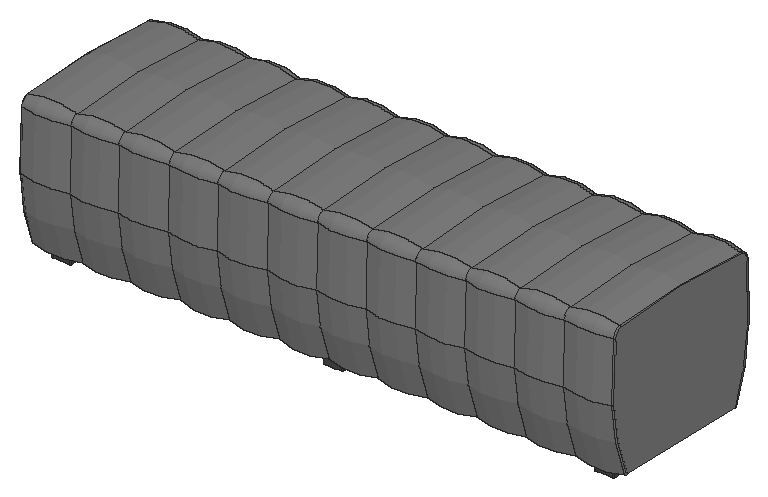
Revit family "Chair-Soft_Seating-Allermuir-Haven_Bench-HAB300", category Furniture, Revit 2012
Parameters (values of type "HAB300")
  ecoScorecard_data = "http://thesenatorgroup.ecoscorecard.com/product/HAB300"
  ecoScorecard Product Page = "http://products.ecoscorecard.com/allermuir/HAB300?action=html"
  Width = 0' - 0"
  Weight = 0.0 lbf
  Upholstered Seat = "No"
  Upholstered Back = "No"
  URL = "http://www.allermuir.net/Default.aspx"
  Subcategory = "Soft Seating"  # constant formula
  Stand = Plastic - Allermuir - Black
  Stacks = no
  Specifications URL = ""
  Seat = Fabric - Allermuir - Silcoates
  Product Page URL = "http://www.allermuir.net/Products.aspx?RangeId=495"
  Product Line = "Haven Bench"  # constant formula
  Pricing URL = ""
  Plugin Data URL = "http://products.ecoscorecard.com/thesenatorgroup/HAB300"
  Plastic Arms in Black = "No"
  Model = "HAB300"  # constant formula
  Manufacturer Phone - Toll Free = "(888) 887 5806"  # constant formula
  Manufacturer Phone = "(419) 887 5806"  # constant formula
  Manufacturer Fax = "(419) 887 5805"  # constant formula
  Manufacturer Email = "mailto:contact@allermuir-na.com"
  Manufacturer Address = "1630 Holland Road, Maumee, Ohio 43537 "  # constant formula
  Manufacturer = "Allermuir"  # constant formula
  Side Stand = Metal - Allermuir - Chrome - Polished
  LEED Stats URL = ""
  Height = 0' - 0"
  Fabric Spec Sheets = "http://www.allermuir.net/Services/File.ashx?Type=B&Id=51"
  Description = ""
  Depth = 0' - 0"
  Color Availability = "See price list for material options"  # constant formula
  CAD Blocks URL = ""
  Brochure URL = ""
  Back Rest = none
  Assembly Code = "E2020200"
  95 CSI = "12510"  # constant formula
  04 CSI = "12 51 00"  # constant formula
Reference planes
  plane 1 "Center Front/Back": y = 0
  plane 2: z = 0
  plane 3 "Center Left/Right": x = 0
  plane 4: y = 278.492
  plane 5: y = -265.296
  plane 6: x = 900.013
  plane 7: x = -900.013
  plane 8: z = 466.328
Dimensions and locks
  equal spacing: plane 7, plane 3 "Center Left/Right", plane 6
  plane 7 to plane 6 = 5' - 10 111/128"
  plane 4 to plane 5 = 1' - 9.40899"
  plane 8 to level = 1' - 6 23/64"
  aligned and locked: plane 3 "Center Left/Right" to nested 1
  aligned and locked: plane 1 "Center Front/Back" to nested 1
Nested families
  nested 1: "HAB300" at (0, 0, 0), type "HAB300"
Definition of nested family "HAB300"
  Parameters (values of type "HAB300")
    URL = "http://www.allermuir.net/Default.aspx"
    Stand = Plastic - Allermuir - Black
    Side Stand = Metal - Allermuir - Chrome - Polished
    Seat = Fabric - Allermuir - Silcoates
    Model = "HAB100"
    Manufacturer = "Allermuir"  # constant formula
    Description = ""
    Assembly Code = "E2020200"
  Reference planes
    plane 1 "Center Front/Back": y = 0
    plane 2: z = 0
    plane 3 "Center Left/Right": x = 0
    plane 4: y = 278.492
    plane 5: y = -265.296
    plane 6: z = 466.328
    plane 7: x = -899.878
    plane 8: x = 899.878
  Forms (mm)
    Sweep 1, solid, material "Fabric - Allermuir - Silcoates" <- "Seat"
      path origin (0, 0, 0) x (0, 1, 0) y (0, 0, 1)
        loop
          arc (228.945, 24.408) -> (262.215, 126.767) -> (276.965, 233.381) r 609.6
          arc (276.965, 233.381) -> (278.479, 325.472) -> (273.982, 417.465) r 1411.053
          arc (273.982, 417.465) -> (262.719, 442.368) -> (238.222, 454.489) r 40.603
          arc (238.222, 454.489) -> (7.264, 468.236) -> (-223.765, 455.728) r 2038.86
          arc (-223.765, 455.728) -> (-248.079, 443.981) -> (-259.64, 419.577) r 40.58
          arc (-259.64, 419.577) -> (-265.536, 328.435) -> (-264.387, 237.109) r 1183.48
          arc (-264.387, 237.109) -> (-249.246, 128.613) -> (-215.454, 24.408) r 627.008
      profile origin (0, 7.264, 468.236) x (0, -0.002682, -0.999996) y (1, 0, 0)
        loop
          arc (13.094, -747.478) -> (2.01, -822.435) -> (13.359, -897.353) r 255.942
          arc (13.359, -897.353) -> (14.723, -899.276) -> (16.962, -900.013) r 3.77
          line (16.962, -900.013) -> (18.056, -900.013) -> (18.056, 900.013) -> (16.964, 900.013)
          arc (16.964, 900.013) -> (14.725, 899.276) -> (13.361, 897.353) r 3.77
          arc (13.361, 897.353) -> (2.01, 822.436) -> (13.092, 747.478) r 255.942
          arc (13.092, 747.478) -> (2.009, 672.942) -> (13.113, 598.41) r 255.942
          arc (13.113, 598.41) -> (2.01, 523.394) -> (13.375, 448.417) r 255.942
          arc (13.375, 448.417) -> (2.01, 373.433) -> (13.117, 298.411) r 255.942
          arc (13.117, 298.411) -> (2.01, 223.387) -> (13.376, 148.403) r 255.942
          arc (13.376, 148.403) -> (2.013, 74.256) -> (12.634, 0) r 255.942
          arc (12.634, 0) -> (2.026, -75.93) -> (14.383, -151.596) r 255.942
          arc (14.383, -151.596) -> (2.037, -226.43) -> (12.165, -301.596) r 255.942
          arc (12.165, -301.596) -> (2.037, -376.765) -> (14.384, -451.601) r 255.942
          arc (14.384, -451.601) -> (2.038, -526.433) -> (12.163, -601.598) r 255.942
          arc (12.163, -601.598) -> (2.015, -674.606) -> (13.094, -747.478) r 255.942
    Extrusion 2, solid, material "Fabric - Allermuir - Silcoates" <- "Seat"
      sketch origin (0, 0, 0) x (0, 1, 0) y (0, 0, 1)
        loop
          line (-198.21, 30) -> (211.698, 30)
          arc (211.698, 30) -> (244.436, 130.024) -> (258.93, 234.267) r 591.544
          arc (258.93, 234.267) -> (260.425, 325.179) -> (255.986, 415.995) r 1392.996
          arc (255.986, 415.995) -> (249.731, 429.823) -> (236.128, 436.554) r 22.547
          arc (236.128, 436.554) -> (7.216, 450.18) -> (-221.767, 437.783) r 2020.803
          arc (-221.767, 437.783) -> (-235.263, 431.263) -> (-241.679, 417.717) r 22.524
          arc (-241.679, 417.717) -> (-247.486, 327.965) -> (-246.354, 238.033) r 1165.423
          arc (-246.354, 238.033) -> (-231.472, 131.89) -> (-198.21, 30) r 608.951
      from -900.013 to 900.013
  Cuts and joins
    joined: Sweep 1, Extrusion 2
  Lines and regions (mm)
    symbolic lines, style "Sofa"
      curve 1: line (-747.478, -252.871, 0) -> (-747.478, 265.571, 0)
      curve 2: line (-601.598, -253.801, 0) -> (-601.598, 266.501, 0)
      curve 3: line (-451.601, -251.58, 0) -> (-451.601, 264.28, 0)
      curve 4: line (-900.013, 261.748, 0) -> (-900.013, -249.048, 0)
      curve 5: line (-301.596, -253.799, 0) -> (-301.596, 266.499, 0)
      curve 6: line (-151.596, -251.581, 0) -> (-151.596, 264.281, 0)
      curve 7: line (0, 266.05, 0) -> (0, -253.35, 0)
      curve 8: line (148.403, -253.106, 0) -> (148.403, 265.289, 0)
      curve 9: line (298.411, -252.847, 0) -> (298.411, 265.547, 0)
      curve 10: line (448.417, -252.589, 0) -> (448.417, 265.289, 0)
      curve 11: line (598.41, -252.851, 0) -> (598.41, 265.551, 0)
      curve 12: line (747.478, -252.851, 0) -> (747.478, 265.551, 0)
      curve 13: line (900.013, -248.932, 0) -> (900.013, 261.632, 0)
      curve 14: arc (-747.478, 265.571, 0) -> (-822.454, 276.714, 0) -> (-897.39, 265.307, 0) r 254.791
      curve 15: arc (-897.39, 265.307, 0) -> (-899.287, 263.959, 0) -> (-900.013, 261.748, 0) r 3.725
      curve 16: arc (-747.478, 265.571, 0) -> (-674.607, 276.872, 0) -> (-601.598, 266.501, 0) r 250.919
      curve 17: arc (-601.598, 266.501, 0) -> (-526.432, 276.689, 0) -> (-451.601, 264.28, 0) r 254.593
      curve 18: arc (-451.601, 264.28, 0) -> (-376.762, 276.463, 0) -> (-301.596, 266.499, 0) r 259.558
      curve 19: arc (-301.596, 266.499, 0) -> (-226.428, 276.766, 0) -> (-151.596, 264.281, 0) r 252.944
      curve 20: arc (0, 266.05, 0) -> (-75.93, 276.475, 0) -> (-151.596, 264.281, 0) r 259.692
      curve 21: arc (148.403, 265.289, 0) -> (74.256, 276.349, 0) -> (0, 266.05, 0) r 263.116
      curve 22: arc (298.411, 265.547, 0) -> (222.973, 276.612, 0) -> (147.535, 265.547, 0) r 262.685
      curve 23: arc (298.411, 265.547, 0) -> (373.433, 276.905, 0) -> (448.417, 265.289, 0) r 250.618
      curve 24: arc (448.417, 265.289, 0) -> (523.393, 276.706, 0) -> (598.41, 265.551, 0) r 254.834
      curve 25: arc (598.41, 265.551, 0) -> (672.944, 276.568, 0) -> (747.478, 265.551, 0) r 257.638
      curve 26: arc (747.478, 265.551, 0) -> (822.344, 276.781, 0) -> (897.195, 265.453, 0) r 254.061
      curve 27: arc (900.013, 261.632, 0) -> (899.232, 264.006, 0) -> (897.195, 265.453, 0) r 3.999
      curve 28: arc (-747.478, -252.871, 0) -> (-822.454, -264.014, 0) -> (-897.39, -252.607, 0) r 254.791
      curve 29: arc (-897.39, -252.607, 0) -> (-899.287, -251.259, 0) -> (-900.013, -249.048, 0) r 3.725
      curve 30: arc (-747.478, -252.871, 0) -> (-674.607, -264.172, 0) -> (-601.598, -253.801, 0) r 250.919
      curve 31: arc (-601.598, -253.801, 0) -> (-526.432, -263.989, 0) -> (-451.601, -251.58, 0) r 254.593
      curve 32: arc (-451.601, -251.58, 0) -> (-376.762, -263.763, 0) -> (-301.596, -253.799, 0) r 259.558
      curve 33: arc (-301.596, -253.799, 0) -> (-226.428, -264.066, 0) -> (-151.596, -251.581, 0) r 252.944
      curve 34: arc (0, -253.35, 0) -> (-75.93, -263.775, 0) -> (-151.596, -251.581, 0) r 259.692
      curve 35: arc (148.403, -252.589, 0) -> (74.256, -263.649, 0) -> (0, -253.35, 0) r 263.116
      curve 36: arc (298.411, -252.847, 0) -> (223.426, -263.912, 0) -> (148.403, -253.106, 0) r 262.685
      curve 37: arc (298.411, -252.847, 0) -> (373.433, -264.205, 0) -> (448.417, -252.589, 0) r 250.618
      curve 38: arc (448.417, -252.589, 0) -> (523.393, -264.006, 0) -> (598.41, -252.851, 0) r 254.834
      curve 39: arc (598.41, -252.851, 0) -> (672.944, -263.868, 0) -> (747.478, -252.851, 0) r 257.638
      curve 40: arc (747.478, -252.851, 0) -> (822.344, -264.081, 0) -> (897.195, -252.753, 0) r 254.061
      curve 41: arc (900.013, -248.932, 0) -> (899.232, -251.306, 0) -> (897.195, -252.753, 0) r 3.999
  Dimensions and locks
    plane 4 to plane 5 = 1' - 9.40899"
    plane 6 to level = 1' - 6 23/64"
    locked: plane 7 to plane 8 at 1799.755
    aligned and locked: plane 3 "Center Left/Right" to nested 2
    aligned and locked: plane 3 "Center Left/Right" to nested 5
    aligned and locked: nested 1 to level
    aligned and locked: nested 2 to level
    aligned and locked: nested 4 to plane 2
    aligned and locked: nested 3 to plane 2
    aligned and locked: nested 5 to plane 2
    aligned and locked: nested 6 to plane 2
    aligned and locked: Extrusion 2 sketch curve to Sweep 1  (x7)
  Nested families
    nested 1: "Leg" at (-824.583, 174.511, 0), type "PSM102"
    nested 2: "Leg" at (0, 174.511, 0), type "PSM102"
    nested 3: "Leg" at (-824.118, -158.14, 0), type "PSM102"
    nested 4: "Leg" at (823.175, 174.511, 0), type "PSM102"
    nested 5: "Leg" at (0, -158.14, 0), type "PSM102"
    nested 6: "Leg" at (823.528, -158.934, 0), type "PSM102"
  Definition of nested family "Leg"
    Parameters (values of type "PSM102")
      URL = ""
      Stand = none
      Stacks = no
      Model = ""
      Manufacturer = ""
      Description = ""
      Assembly Code = "E2020200"
    Reference planes
      plane 1 "Center Front/Back": y = 0
      plane 2: z = 0
      plane 3 "Center Left/Right": x = 0
      plane 4: z = 30
      plane 5: through (42.717, 1524.892, 1219.2) normal (1, -0.0075, 0)
      plane 6: through (-1525.181, 42.166, 1219.2) normal (0.0075, 1, 0)
      plane 7: through (-19.17, 1524.892, 1219.2) normal (1, -0.0075, 0)
      plane 8: through (-1525.181, -19.721, 1219.2) normal (0.0075, 1, 0)
    Forms (mm)
      Blend 1, solid, material <- "Stand"
        base sketch origin (0, 0, 0) x (1, 0, 0) y (0, 1, 0)
          loop
            arc (-26.682, 29.891) -> (-28.652, 29.092) -> (-29.481, 27.133) r 2.778
            line (-29.481, 27.133) -> (-29.891, -27.235)
            arc (-29.891, -27.235) -> (-29.092, -29.205) -> (-27.133, -30.034) r 2.778
            line (-27.133, -30.034) -> (27.235, -30.444)
            arc (27.235, -30.444) -> (29.205, -29.645) -> (30.034, -27.687) r 2.778
            line (30.034, -27.687) -> (30.444, 26.682)
            arc (30.444, 26.682) -> (29.645, 28.652) -> (27.687, 29.481) r 2.778
            line (27.687, 29.481) -> (-26.682, 29.891)
        top sketch origin (0, 0, 0) x (1, 0, 0) y (0, 1, 0)
          loop
            arc (31.431, 27.654) -> (30.632, 29.625) -> (28.674, 30.453) r 2.778
            line (28.674, 30.453) -> (-27.654, 30.878)
            arc (-27.654, 30.878) -> (-29.625, 30.079) -> (-30.453, 28.121) r 2.778
            line (-30.453, 28.121) -> (-30.878, -28.207)
            arc (-30.878, -28.207) -> (-30.079, -30.178) -> (-28.121, -31.006) r 2.778
            line (-28.121, -31.006) -> (28.207, -31.431)
            arc (28.207, -31.431) -> (30.178, -30.632) -> (31.006, -28.674) r 2.778
            line (31.006, -28.674) -> (31.431, 27.654)
        from 0 to 30
    Dimensions and locks
      locked: plane 7 to plane 5 at 61.886
      locked: plane 6 to plane 8 at 61.886
      locked: plane 4 to level at 30
